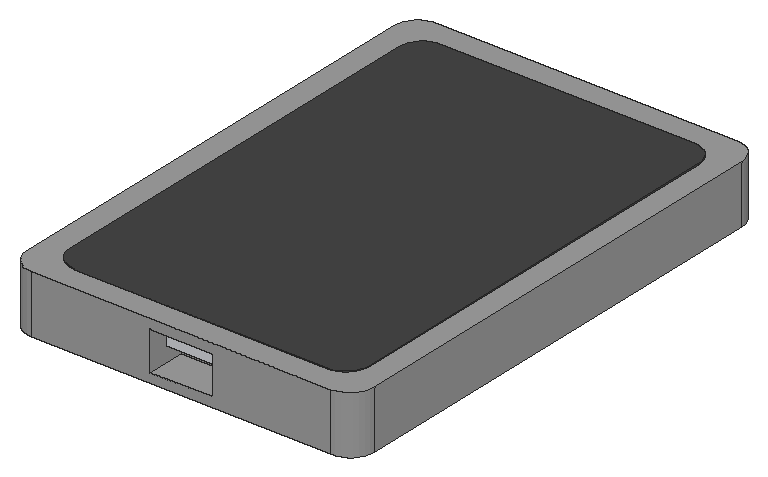
Revit family "STS-709_RV17_LOD_400", category Электрооборудование, Revit 2017
Family settings
  Конфигурация панели = Два столбца, слева направо
  Размер круглого соединителя = Использовать диаметр
  Тип детали = Щит
  На основе рабочей плоскости = Да
  Всегда вертикально = Да
  При загрузке вырезать с полостями = Нет
  Общий = Нет
  Точка расчета площади = Нет
Parameters (values of type "STS-709")
  Удалённость считывателя от компьютера, = 3 mm
  Смещение_УГО_Х [instance] = 0 mm
  Смещение_УГО_Y [instance] = 0 mm
  Раздел спецификации [instance] = ""
  Раздел проекта [instance] = ""
  Рабочая частота, кГц = 125
  Потребляемый ток, не более, А = 0.1 A
  Default Elevation = 1219.2 mm
  Напряжение питание постоянного тока, не = "5 (USB)"
  Напряжение = "5"
  Интерфейс связи с компьютером = "USB 2.0"
  Идентификаторы = "Em - Marin"
  Диапазон рабочих температур, = "от +5 до +50"
  Видимость_УГО [instance] = yes
  В_Смещение_УГО_Y [instance] = Смещение_УГО_Y + 2000 mm  # 2000 mm
  В_Смещение_УГО_X [instance] = Смещение_УГО_Х + 2000 mm  # 2000 mm
  d короба [instance] = 20 mm
  ADSK_Размер_Ширина = 72 mm
  ADSK_Размер_Длина = 105 mm
  ADSK_Размер_Высота = 12 mm
  ADSK_Примечание = ""
  ADSK_Наименование = "STS-709"
  ADSK_Масса = 0
  ADSK_Марка = "CТАЕ.431295.013"
  ADSK_Количество = 1
  ADSK_Завод-изготовитель = "ООО «Основа Безопасности»"  # constant formula
  ADSK_Единица измерения = "шт."  # constant formula
  ADSK_URL страницы изделия = "https://stilsoft.ru/products/sts-709"
  ADSK_URL документации изделия = ""
Reference planes
  plane 1 "По центру (Вперед/Назад)": y = 0
  plane 2: z = 0
  plane 3 "По центру (Влево/Вправо)": x = 0
  plane 4: y = 105
  plane 5: x = 36
  plane 6: x = -36
  plane 7: z = 12
  plane 8: z = 6
  plane 9: y = 0
  plane 10: x = 0
  plane 11: y = 2000
  plane 12: x = -2000
Forms (mm)
  Extrusion 1, solid, material "корпус считывателя", detail levels medium+fine
    sketch origin (0, 0, 0) x (1, 0, 0) y (0, 1, 0)
      loop
        arc (-31, 105) -> (-34.536, 103.536) -> (-36, 100) r 5
        line (-36, 100) -> (-36, 5)
        arc (-36, 5) -> (-34.536, 1.464) -> (-31, 0) r 5
        line (-31, 0) -> (31, 0)
        arc (31, 0) -> (34.536, 1.464) -> (36, 5) r 5
        line (36, 5) -> (36, 100)
        arc (36, 100) -> (34.536, 103.536) -> (31, 105) r 5
        line (31, 105) -> (-31, 105)
    from 0 to 12
  Extrusion 2, solid, material "элемент 1", detail levels medium+fine
    sketch origin (0, 0, 0) x (1, 0, 0) y (0, 1, 0)
      loop
        arc (-26, 100) -> (-29.536, 98.536) -> (-31, 95) r 5
        line (-31, 95) -> (-31, 10)
        arc (-31, 10) -> (-29.536, 6.464) -> (-26, 5) r 5
        line (-26, 5) -> (26, 5)
        arc (26, 5) -> (29.536, 6.464) -> (31, 10) r 5
        line (31, 10) -> (31, 95)
        arc (31, 95) -> (29.536, 98.536) -> (26, 100) r 5
        line (26, 100) -> (-26, 100)
    from 11 to 12.057
  Extrusion 3, void, detail levels medium+fine
    sketch origin (-0.95, 0, 0) x (1, 0, 0) y (0, 0, 1)
      loop
        line (7.458, 2) -> (7.458, 10) -> (-5.542, 10) -> (-5.542, 2) -> (7.458, 2)
    from 0 to -8
  Extrusion 4, solid
    sketch origin (-0.95, 0, 0) x (1, 0, 0) y (0, 0, 1)
      loop
        line (-4.542, 8) -> (-4.542, 6) -> (6.458, 6) -> (6.458, 8) -> (-4.542, 8)
    from -3 to -8
Cuts and joins
  Extrusion 3 cuts Extrusion 1
Dimensions and locks
  "ADSK_Размер_Ширина": plane 6 to plane 5
  "ADSK_Размер_Длина": plane 4 to plane 1 "По центру (Вперед/Назад)"
  "ADSK_Размер_Высота": plane 7 to level
  locked: plane 11 to plane 1 "По центру (Вперед/Назад)" at 2000
  locked: plane 12 to plane 3 "По центру (Влево/Вправо)" at 2000
  "В_Смещение_УГО_X": plane 12 to plane 10
  "В_Смещение_УГО_Y": plane 11 to plane 9
  aligned and locked: level to plane 2
  aligned and locked: nested 1 to plane 9
  aligned and locked: plane 10 to nested 1
Automatic sketch dimensions
  Extrusion 1 sketch curve to plane 6 = 0 mm
  plane 1 "По центру (Вперед/Назад)" to Extrusion 1 sketch curve = 0 mm
  Extrusion 1 sketch curve to Extrusion 1 sketch curve = 5 mm
  Extrusion 1 sketch curve to plane 1 "По центру (Вперед/Назад)" = 5 mm
  Extrusion 1 sketch curve to plane 5 = 5 mm
  Extrusion 1 sketch curve to plane 5 = 0 mm
  Extrusion 1 sketch curve to plane 4 = 5 mm
  Extrusion 1 sketch curve to plane 4 = 0 mm
  Extrusion 2 sketch curve to Extrusion 2 sketch curve = 5 mm  (x3)
  Extrusion 3 sketch curve to plane 7 = 2 mm
  Extrusion 3 sketch curve to plane 3 "По центру (Влево/Вправо)" = 6.492 mm
  level to Extrusion 3 sketch curve = 2 mm
  plane 3 "По центру (Влево/Вправо)" to Extrusion 3 sketch curve = 6.508 mm
  Extrusion 4 sketch curve to plane 8 = 0 mm
  plane 3 "По центру (Влево/Вправо)" to Extrusion 4 sketch curve = 5.508 mm
  plane 8 to Extrusion 4 sketch curve = 2 mm
  Extrusion 4 sketch curve to plane 3 "По центру (Влево/Вправо)" = 5.492 mm
  Extrusion 2 sketch curve to plane 4 = 10 mm
  Extrusion 2 sketch curve to plane 6 = 10 mm
  Extrusion 2 sketch curve to plane 5 = 10 mm  (x2)
  Extrusion 2 sketch curve to plane 1 "По центру (Вперед/Назад)" = 10 mm
Nested families
  nested 1: "УГО_Считыватель" at (0, 0, 0), visible <- "Видимость_УГО", type "УГО_Считыватель", detail levels coarse
Connectors
  electrical at (0.008, 0, 6)
    settings: on cut or joined group of Extrusion 1, Extrusion 3, index 1, voltage 0 V, apparent load 0 VA, apparent load phase1 0 VA, apparent load phase2 0 VA, apparent load phase3 0 VA, power factor 1, load classification "Прочее", number of poles 1, system type 31, power factor state 1, is connector primary yes, connector utility no, sub classification motor no, connector description ""
  cabletrayconduit at (0.008, 0, 6), diameter 20, driven by "d короба"
    settings: on cut or joined group of Extrusion 1, Extrusion 3, index 2, connector width 300 mm, connector height 300 mm, connector angle 0.00°, system type 32, placement type 0, profile type 0, connector reference index -1, is primary connector yes, connector utility param no, connector description ""
Definition of nested family "УГО_Считыватель"
  Reference planes
    plane 1: y = 0
    plane 2: x = 0
  Lines and regions (mm)
    detail lines
      curve 1: line (3, 0, 0) -> (3, -8, 0)
      curve 2: line (3, -8, 0) -> (-3, -8, 0)
      curve 3: line (-3, -8, 0) -> (-3, 0, 0)
      curve 4: line (-3, 0, 0) -> (3, 0, 0)
      curve 5: line (2, -1.007, 0) -> (2, -7.007, 0)
      curve 6: line (2, -7.007, 0) -> (-2, -7.007, 0)
      curve 7: line (-2, -7.007, 0) -> (-2, -1.007, 0)
      curve 8: line (-2, -1.007, 0) -> (2, -1.007, 0)
    detail lines, not visible
      curve 9: line (3, 0, 0) -> (3, -8, 0)
      curve 10: line (3, -8, 0) -> (-3, -8, 0)
      curve 11: line (-3, -8, 0) -> (-3, 0, 0)
      curve 12: line (-3, 0, 0) -> (3, 0, 0)
      curve 13: line (2, -1.007, 0) -> (2, -7.007, 0)
      curve 14: line (2, -7.007, 0) -> (-2, -7.007, 0)
      curve 15: line (-2, -7.007, 0) -> (-2, -1.007, 0)
      curve 16: line (-2, -1.007, 0) -> (2, -1.007, 0)
  Dimensions and locks
    aligned and locked: plane 1 to curve 4
